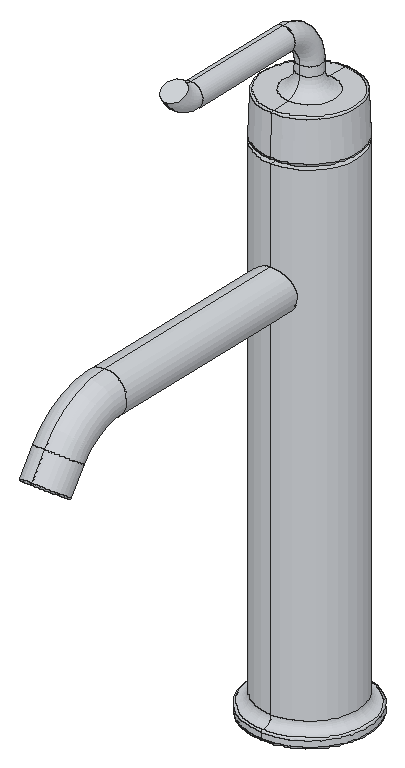
Revit family "Faucet-Lavatory-KOHLER-Purist-K-14404IN_1", category Plumbing Fixtures, host Face, Revit 2017
Family settings
  Host = Face
  Round Connector Dimension = Use Diameter
  Part Type = Normal
  OmniClass Number = 23.31.11.00
  OmniClass Title = Faucets
  Cut with Voids When Loaded = No
  Shared = No
  Room Calculation Point = No
Parameters (values of type "Smile Handle, CP-Polished Chrome")
  Width = 2 1/4"  # constant formula
  WaterSense Certified = 1 = 0  # no
  Waste Water Outlet = "Waste Water Outlet"  # constant formula
  Waste Connection = 1 = 0  # no
  Vent Connection = 1 = 0  # no
  URL = "https://www.kohler.co.in/"
  Type = 1
  Straight Handle = or(Type = 2, Type = 3, Type = 4)  # no
  Spout Reach = 6 1/4"  # constant formula
  Smile Handle = Type = 1  # yes
  Product Page URL = ""
  Product Name = "Purist"  # constant formula
  Product Documentation Link = ""
  Pressure = 0.00 psi
  Model = if(Type = 1, "K-14404IN-4ND-CP", if(Type = 2, "K-14404IN-4AND-CP", if(Type = 3, "K-14404IN-4AND-BL", if(Type = 4, "K-14404IN-4AND-BGD", "NA"))))  # "K-14404IN-4ND-CP"
  Material = "Solid Brass Construction"  # constant formula
  Master Format 2014 Name = "Residential Faucets, Supplies, and Trim"  # constant formula
  Master Format 2014 = "22 41 39"  # constant formula
  Manufacturer Address = "Ambience Office Tower NH-8 Gurgaon / Gurugram Haryana , 122001"  # constant formula
  Manufacturer = "KOHLER Co."  # constant formula
  Length = Spout Reach  # 6 1/4"
  Hot Water Inlet = "Hot Water Inlet"  # constant formula
  Height = 12"  # constant formula
  Handle Clearance = 3 1/4"  # constant formula
  HW Connection = 1 = 1  # yes
  Flow Rate = 0 GPM
  Finish = Kohler-Metal-CP-Polished_Chrome
  Environmental Product Declaration = ""
  Drain Included = 1 = 0  # no
  Description = if(Smile Handle, "Single-hole bathroom sink faucet with smile design handle", "Single-handle bathroom sink faucet with straight lever handle")  # "Single-hole bathroom sink faucet with smile design handle"
  Default Elevation = 36"
  Declare Label = ""
  Date Modified = "07/31/2020"  # constant formula
  Date Created = "07/31/2020"  # constant formula
  Copyright = "Copyright KOHLER Co."  # constant formula
  Contact Us = "https://www.kohler.co.in/contact-us"
  Cold Water Inlet = "Cold Water Inlet"  # constant formula
  CW Connection = 1 = 1  # yes
  Assembly Code = "D2010"
  ADA Compliant = 1 = 0  # no
Types (5): name | Type | Straight Handle | Smile Handle | Model | Finish | Description
  (no name) | 1 | no | yes | "K-14404IN-4ND-CP" | Kohler-Metal-CP-Polished_Chrome | "Single-hole bathroom sink faucet with smile design handle"
  Straight Handle, CP-Polished Chrome | 2 | yes | no | "K-14404IN-4AND-CP" | Kohler-Metal-CP-Polished_Chrome | "Single-handle bathroom sink faucet with straight lever handle"
  Straight Handle, BL-Matte Black | 3 | yes | no | "K-14404IN-4AND-BL" | Kohler-Metal-BL-Matte_Black | "Single-handle bathroom sink faucet with straight lever handle"
  Straight Handle, BGD-Vibrant Moderne Brushed Gold | 4 | yes | no | "K-14404IN-4AND-BGD" | Kohler-Metal-BGD-Vibrant_Moderne_Brushed_Gold | "Single-handle bathroom sink faucet with straight lever handle"
  Smile Handle, CP-Polished Chrome | 1 | no | yes | "K-14404IN-4ND-CP" | Kohler-Metal-CP-Polished_Chrome | "Single-hole bathroom sink faucet with smile design handle"
Reference planes
  plane 1 "Center (Front/Back)": y = 0
  plane 2: z = 0
  plane 3 "Center (Left/Right)": x = 0
  plane 4: x = 28.575
  plane 5: x = -28.575
  plane 6: z = 165.1
  plane 7: y = -158.75
  plane 8: y = -82.55
  plane 9: z = 304.8
  plane 10: x = -23.111
  plane 11: x = 23.111
  plane 12: x = -12.154
  plane 13: x = 12.154
  plane 14: x = 10.275
  plane 15: x = -10.275
  plane 16: y = 28.575
  plane 17: y = -28.575
  plane 18: z = 201.226
  plane 19: z = 8.909
  plane 20: z = 245.522
  plane 21: z = 247.326
  plane 22: z = 267.71
  plane 23: z = 282.313
  plane 24: z = 180.677
  plane 25: x = -5.596
  plane 26: x = 5.596
  plane 27: z = 4.318
  plane 28: x = -15.008
  plane 29: x = 15.008
  plane 30: y = -166.684
  plane 31: y = 23.111
  plane 32: y = -23.111
Dimensions and locks
  "Length": plane 1 "Center (Front/Back)" to plane 7
  plane 6 to host face = 6 1/2"
  "Width": plane 5 to plane 4
  "Height": plane 9 to level
  locked: plane 6 to level at 165.1
  "Spout Reach": plane 7 to plane 1 "Center (Front/Back)"
  "Handle Clearance": plane 8 to plane 1 "Center (Front/Back)"
  aligned and locked: plane 2 to host face
  aligned and locked: level to host face
Automatic sketch dimensions
  host sketch curve to host sketch curve = 96"  (x2)
Nested families
  nested 1: "K-14404IN" at (0, 0, 0), type "K-14404IN"
    with Smile Design Handle yes
Connectors
  piping at (-15.008, 0, 0), diameter 12.7, driven by "Flow Rate", driven by "Pressure", driven by "HW Connection", driven by "Hot Water Inlet"
    settings: on nested 1, index 1, connector inside diameter 24", connector length 0", flow factor 0, pipe flow 0 GPM, pressure drop 0.00 psi, fitting loss kfactor 0, connector angle 0.00°, fixture units 0, engagement length 0", angle of deflection 0.00°, flow configuration 0, flow direction 1, fitting loss method 0, system type 19, joint type 0, gender type 0, connector reference index -1, connector utility 1, adjustable connector no, is connector primary yes, connector description "Hot Water Inlet"
  piping at (15.008, 0, 0), diameter 12.7, driven by "Flow Rate", driven by "Pressure", driven by "CW Connection", driven by "Cold Water Inlet"
    settings: on nested 1, index 2, connector inside diameter 24", connector length 0", flow factor 0, pipe flow 0 GPM, pressure drop 0.00 psi, fitting loss kfactor 0, connector angle 0.00°, fixture units 0, engagement length 0", angle of deflection 0.00°, flow configuration 0, flow direction 1, fitting loss method 0, system type 20, joint type 0, gender type 0, connector reference index -1, connector utility 1, adjustable connector no, is connector primary no, connector description "Cold Water Inlet"
Definition of nested family "K-14404IN"
  Parameters (values of type "K-14404IN")
    Smile Design Handle = no
    Straight Lever Handle = no
    Material = none
  Reference planes
    plane 1 "Center (Front/Back)": y = 0
    plane 2: z = 0
    plane 3 "Center (Left/Right)": x = 0
    plane 4: y = -158.75
    plane 5: z = 304.8
    plane 6: y = 28.575
    plane 7: y = -28.575
    plane 8: z = 165.1
    plane 9: x = -28.575
    plane 10: x = 28.575
    plane 11: x = -15.008
  Forms (mm)
    Revolve 1, solid, material <- "Material", visible <- "Straight Lever Handle", detail levels medium+fine
      sketch origin (0, 0, 0) x (0, 1, 0) y (0, 0, 1)
        loop
          line (0, 280.309) -> (5.625, 280.309) -> (5.596, 281.798)
          arc (5.596, 281.798) -> (5.439, 282.163) -> (5.072, 282.313) r 0.524
          arc (5.072, 282.313) -> (5.44, 282.463) -> (5.596, 282.827) r 0.524
          line (5.596, 282.827) -> (0, 282.827) -> (0, 280.309)
        axis (0, 280.309) -> (0, 282.827)
      angle from 0 to 360
    Sweep 2, solid, material <- "Material", visible <- "Straight Lever Handle", detail levels medium+fine
      path origin (0, 0, 6.762) x (0, 1, 0) y (0, 0, 1)
        loop
          line (-17.911, 292.442) -> (-15.873, 292.442)
          arc (-15.873, 292.442) -> (-4.62, 287.469) -> (0, 276.066) r 16.384
      profile origin (0, -15.873, 299.204) x (0, 0.031205, 0.999513) y (1, 0, 0)
        loop
          circle (0, 0) r 5.596
    Sweep 3, solid, material <- "Material", detail levels medium+fine
      path origin (0, 0, -0.819) x (0, 1, 0) y (0, 0, 1)
        loop
          line (-18.415, 191.77) -> (-122.615, 191.77)
          arc (-122.615, 191.77) -> (-138.284, 187.936) -> (-150.413, 177.3) r 33.934
      profile origin (0, -18.415, 190.951) x (0, 0, -1) y (1, 0, 0)
        loop
          circle (0, 0) r 10.275
    Revolve 4, solid, material <- "Material", detail levels medium+fine
      sketch origin (0, 0, 6.538) x (0, 1, 0) y (0, 0, 1)
        loop
          line (0, 238.984) -> (19.63, 238.984)
          arc (19.63, 238.984) -> (18.585, 239.49) -> (18.161, 240.572) r 1.593
          line (18.161, 240.572) -> (18.161, 247.11) -> (17.601, 247.67) -> (0, 247.67) -> (0, 238.984)
        axis (0, 238.984) -> (0, 247.67)
      angle from 0 to 360
    Revolve 5, solid, material <- "Material", detail levels medium+fine
      sketch origin (0, 0, -0.819) x (0, 1, 0) y (0, 0, 1)
        loop
          line (-158.44, 165.835) -> (-150.413, 177.3) -> (-158.829, 183.193) -> (-166.612, 172.077)
          arc (-166.612, 172.077) -> (-166.7, 171.683) -> (-166.483, 171.343) r 0.527
          line (-166.483, 171.343) -> (-165.029, 170.325) -> (-162.992, 171.291) -> (-164.058, 169.769) -> (-158.44, 165.835)
        axis (-158.498, 165.752) -> (-150.413, 177.3)
      angle from 0 to 360
    Revolve 6, solid, material <- "Material", detail levels medium+fine
      sketch origin (0, 0, 6.35) x (0, 1, 0) y (0, 0, 1)
        loop
          line (21.69, 255.228) -> (23.22, 255.228)
          arc (23.22, 255.228) -> (23.114, 257.197) -> (22.797, 259.144) r 18.32
          arc (22.797, 259.144) -> (22.246, 259.59) -> (21.69, 259.151) r 0.567
          line (21.69, 259.151) -> (21.69, 255.228)
        axis (21.69, 255.228) -> (23.22, 255.228)
      angle from 0 to 360
    Revolve 7, solid, material <- "Material", detail levels coarse
      sketch origin (0, 0, 0) x (0, 1, 0) y (0, 0, 1)
        loop
          line (0, 0) -> (28.575, 0) -> (28.575, 6.35) -> (23.111, 6.35) -> (23.111, 245.522) -> (23.111, 267.71) -> (0, 267.71) -> (0, 0)
        axis (0, 0) -> (0, 267.71)
      angle from 0 to 360
    Sweep 8, solid, material <- "Material", detail levels coarse
      path origin (0, 0, 0) x (0, 1, 0) y (0, 0, 1)
        loop
          line (0, 267.71) -> (0, 283.36)
          arc (0, 283.36) -> (-4.641, 294.563) -> (-15.844, 299.204) r 15.844
          line (-15.844, 299.204) -> (-82.55, 299.204)
      profile origin (0, 0, 283.36) x (0, -1, 0) y (1, 0, 0)
        loop
          circle (0, 0) r 5.882
    Sweep 9, solid, material <- "Material", detail levels coarse
      path origin (0, 0, 0) x (0, 1, 0) y (0, 0, 1)
        loop
          line (-158.498, 164.933) -> (-150.413, 176.481)
          arc (-150.413, 176.481) -> (-138.357, 187.08) -> (-122.778, 190.951) r 33.935
          line (-122.778, 190.951) -> (-14.828, 190.951)
      profile origin (0, -68.803, 190.951) x (0, 0, -1) y (1, 0, 0)
        loop
          circle (0, 0) r 10.962
    Extrusion 10, solid, material <- "Material", detail levels medium+fine
      sketch origin (0, 0, 0) x (1, 0, 0) y (0, 1, 0)
        loop
          circle (-15.008, 0) r 6.35
        loop
          circle (15.008, 0) r 6.35
      from 0 to 2.58
    Sweep 11, solid, material <- "Material", visible <- "Smile Design Handle", detail levels medium+fine
      path origin (0, 0, -2.282) x (0, 1, 0) y (0, 0, 1)
        loop
          arc (-81.062, 304.343) -> (-76.798, 300.002) -> (-70.926, 298.41) r 11.624
          line (-70.926, 298.41) -> (-15.818, 298.41)
          arc (-15.818, 298.41) -> (-4.633, 293.777) -> (0, 282.591) r 15.818
      profile origin (0, -43.372, 296.128) x (0, 0, 1) y (1, 0, 0)
        loop
          circle (0, 0) r 5.597
    Revolve 12, solid, material <- "Material", visible <- "Straight Lever Handle", detail levels medium+fine
      sketch origin (0, 0, 0) x (0, 1, 0) y (0, 0, 1)
        loop
          line (-15.792, 299.204) -> (-15.792, 304.808) -> (-81.929, 304.808)
          arc (-81.929, 304.808) -> (-82.364, 304.667) -> (-82.55, 304.249) r 0.562
          line (-82.55, 304.249) -> (-82.55, 303.458)
          arc (-82.55, 303.458) -> (-81.593, 301.427) -> (-81.286, 299.204) r 7.423
          line (-81.286, 299.204) -> (-15.792, 299.204)
        axis (-15.792, 299.204) -> (-82.55, 299.204)
      angle from 0 to 360
    Revolve 13, solid, material <- "Material", detail levels medium+fine
      sketch origin (0, 0, 0) x (0, 1, 0) y (0, 0, 1)
        loop
          line (0, 0) -> (27.808, 0)
          arc (27.808, 0) -> (28.35, 0.225) -> (28.575, 0.767) r 0.767
          line (28.575, 0.767) -> (28.575, 3.543)
          arc (28.575, 3.543) -> (28.343, 4.096) -> (27.785, 4.318) r 0.776
          arc (27.785, 4.318) -> (24.485, 5.633) -> (23.111, 8.909) r 4.592
          line (23.111, 8.909) -> (23.111, 245.522) -> (5.845, 245.522) -> (5.845, 247.326) -> (22.398, 247.326)
          arc (22.398, 247.326) -> (22.894, 247.536) -> (23.087, 248.039) r 0.689
          line (23.087, 248.039) -> (22.426, 266.963)
          arc (22.426, 266.963) -> (22.19, 267.493) -> (21.652, 267.71) r 0.774
          line (21.652, 267.71) -> (12.154, 267.71)
          arc (12.154, 267.71) -> (7.554, 270.767) -> (5.708, 275.973) r 8.734
          line (5.708, 275.973) -> (5.625, 280.309) -> (0, 280.309) -> (0, 0)
        axis (0, 0) -> (0, 280.309)
      angle from 0 to 360
  Cuts and joins
    joined: Revolve 7, Sweep 8, Sweep 9
    joined: Revolve 4, Revolve 13
  Lines and regions (mm)
    Masking region 1
      outline origin (0, 0, 0) x (0, 1, 0) y (0, 0, 1)
        loop
          line (0, 0) -> (27.808, 0)
          arc (27.808, 0) -> (28.35, 0.225) -> (28.575, 0.767) r 0.767
          line (28.575, 0.767) -> (28.575, 3.543)
          arc (28.575, 3.543) -> (28.343, 4.096) -> (27.785, 4.318) r 0.776
          arc (27.785, 4.318) -> (24.485, 5.633) -> (23.111, 8.909) r 4.592
          line (23.111, 8.909) -> (23.111, 245.522) -> (19.63, 245.522)
          arc (19.63, 245.522) -> (18.585, 246.028) -> (18.161, 247.11) r 1.593
          line (18.161, 247.11) -> (18.161, 253.787) -> (22.886, 253.787) -> (22.757, 257.484)
          arc (22.757, 257.484) -> (23.104, 259.518) -> (23.22, 261.578) r 18.32
          arc (23.22, 261.578) -> (23.021, 264.275) -> (22.426, 266.914) r 18.32
          arc (22.426, 266.914) -> (22.208, 267.476) -> (21.652, 267.71) r 0.774
          line (21.652, 267.71) -> (12.154, 267.71)
          arc (12.154, 267.71) -> (7.554, 270.767) -> (5.708, 275.973) r 8.734
          line (5.708, 275.973) -> (5.596, 281.798)
          arc (5.596, 281.798) -> (5.439, 282.163) -> (5.072, 282.313) r 0.524
          line (5.072, 282.313) -> (-5.072, 282.313)
          arc (-5.072, 282.313) -> (-5.439, 282.163) -> (-5.596, 281.798) r 0.524
          line (-5.596, 281.798) -> (-5.708, 275.973)
          arc (-5.708, 275.973) -> (-7.554, 270.767) -> (-12.154, 267.71) r 8.734
          line (-12.154, 267.71) -> (-21.652, 267.71)
          arc (-21.652, 267.71) -> (-22.19, 267.493) -> (-22.426, 266.963) r 0.774
          line (-22.426, 266.963) -> (-23.087, 248.034)
          arc (-23.087, 248.034) -> (-22.662, 247.519) -> (-22.024, 247.326) r 1.152
          line (-22.024, 247.326) -> (-18.176, 247.326)
          arc (-18.176, 247.326) -> (-18.514, 246.11) -> (-19.63, 245.522) r 1.593
          line (-19.63, 245.522) -> (-23.111, 245.522) -> (-23.111, 201.226) -> (-122.602, 201.226)
          arc (-122.602, 201.226) -> (-143.027, 196.228) -> (-158.837, 182.364) r 44.234
          line (-158.837, 182.364) -> (-166.613, 171.259)
          arc (-166.613, 171.259) -> (-166.7, 170.865) -> (-166.483, 170.524) r 0.527
          line (-166.483, 170.524) -> (-150.514, 159.342)
          arc (-150.514, 159.342) -> (-150.12, 159.255) -> (-149.779, 159.472) r 0.527
          line (-149.779, 159.472) -> (-141.989, 170.598)
          arc (-141.989, 170.598) -> (-133.541, 178.006) -> (-122.628, 180.677) r 23.635
          line (-122.628, 180.677) -> (-23.111, 180.677) -> (-23.111, 8.909)
          arc (-23.111, 8.909) -> (-24.485, 5.633) -> (-27.785, 4.318) r 4.592
          arc (-27.785, 4.318) -> (-28.343, 4.096) -> (-28.575, 3.543) r 0.776
          line (-28.575, 3.543) -> (-28.575, 0.767)
          arc (-28.575, 0.767) -> (-28.35, 0.225) -> (-27.808, 0) r 0.767
          line (-27.808, 0) -> (0, 0)
    Masking region 2
      outline origin (0, 0, 0) x (1, 0, 0) y (0, 0, 1)
        loop
          line (0, 0) -> (27.808, 0)
          arc (27.808, 0) -> (28.35, 0.225) -> (28.575, 0.767) r 0.767
          line (28.575, 0.767) -> (28.575, 3.543)
          arc (28.575, 3.543) -> (28.343, 4.096) -> (27.785, 4.318) r 0.776
          arc (27.785, 4.318) -> (24.485, 5.633) -> (23.111, 8.909) r 4.592
          line (23.111, 8.909) -> (23.111, 207.131) -> (23.111, 245.522) -> (19.63, 245.522)
          arc (19.63, 245.522) -> (18.514, 246.11) -> (18.176, 247.326) r 1.593
          line (18.176, 247.326) -> (22.024, 247.326)
          arc (22.024, 247.326) -> (22.662, 247.519) -> (23.087, 248.034) r 1.152
          line (23.087, 248.034) -> (22.426, 266.963)
          arc (22.426, 266.963) -> (22.19, 267.493) -> (21.652, 267.71) r 0.774
          line (21.652, 267.71) -> (12.154, 267.71)
          arc (12.154, 267.71) -> (7.554, 270.767) -> (5.708, 275.973) r 8.734
          line (5.708, 275.973) -> (5.596, 281.798)
          arc (5.596, 281.798) -> (5.439, 282.163) -> (5.072, 282.313) r 0.524
          line (5.072, 282.313) -> (-5.072, 282.313)
          arc (-5.072, 282.313) -> (-5.439, 282.163) -> (-5.596, 281.798) r 0.524
          line (-5.596, 281.798) -> (-5.708, 275.973)
          arc (-5.708, 275.973) -> (-7.554, 270.767) -> (-12.154, 267.71) r 8.734
          line (-12.154, 267.71) -> (-21.652, 267.71)
          arc (-21.652, 267.71) -> (-22.19, 267.493) -> (-22.426, 266.963) r 0.774
          line (-22.426, 266.963) -> (-23.087, 248.034)
          arc (-23.087, 248.034) -> (-22.662, 247.519) -> (-22.024, 247.326) r 1.152
          line (-22.024, 247.326) -> (-18.176, 247.326)
          arc (-18.176, 247.326) -> (-18.514, 246.11) -> (-19.63, 245.522) r 1.593
          line (-19.63, 245.522) -> (-23.111, 245.522) -> (-23.111, 8.909)
          arc (-23.111, 8.909) -> (-24.485, 5.633) -> (-27.785, 4.318) r 4.592
          arc (-27.785, 4.318) -> (-28.343, 4.096) -> (-28.575, 3.543) r 0.776
          line (-28.575, 3.543) -> (-28.575, 0.767)
          arc (-28.575, 0.767) -> (-28.35, 0.225) -> (-27.808, 0) r 0.767
          line (-27.808, 0) -> (0, 0)
    Masking region 3
      outline origin (0, 0, 0) x (1, 0, 0) y (0, 1, 0)
        loop
          arc (10.275, -26.664) -> (0, 28.575) -> (-10.275, -26.664) r 28.575
          line (-10.275, -26.664) -> (-10.275, -158.139)
          arc (-10.275, -158.139) -> (-9.595, -161.281) -> (-7.676, -163.861) r 7.597
          arc (-7.676, -163.861) -> (-4.099, -165.988) -> (0, -166.706) r 11.527
          arc (0, -166.706) -> (4.099, -165.988) -> (7.676, -163.861) r 11.527
          arc (7.676, -163.861) -> (9.595, -161.281) -> (10.275, -158.139) r 7.597
          line (10.275, -158.139) -> (10.275, -26.664)
    Masking region 4, visible <- "Straight Lever Handle"
      outline origin (0, 0, 0) x (0, 1, 0) y (0, 0, 1)
        loop
          arc (5.596, 282.827) -> (-0.807, 298.361) -> (-16.327, 304.8) r 21.924
          line (-16.327, 304.8) -> (-82.013, 304.8)
          arc (-82.013, 304.8) -> (-82.393, 304.643) -> (-82.55, 304.263) r 0.537
          line (-82.55, 304.263) -> (-82.55, 294.144)
          arc (-82.55, 294.144) -> (-82.393, 293.764) -> (-82.015, 293.607) r 0.537
          line (-82.015, 293.607) -> (-16.387, 293.607)
          arc (-16.387, 293.607) -> (-8.761, 290.45) -> (-5.596, 282.827) r 10.79
          arc (-5.596, 282.827) -> (-5.44, 282.463) -> (-5.072, 282.313) r 0.524
          line (-5.072, 282.313) -> (5.072, 282.313)
          arc (5.072, 282.313) -> (5.44, 282.463) -> (5.596, 282.827) r 0.524
    Masking region 5, visible <- "Smile Design Handle"
      outline origin (0, 0, 0) x (0, 1, 0) y (0, 0, 1)
        loop
          arc (5.596, 282.827) -> (-1.855, 296.348) -> (-16.327, 301.724) r 22.166
          line (-16.327, 301.724) -> (-71.094, 301.724)
          arc (-71.094, 301.724) -> (-74.067, 302.657) -> (-76.236, 304.894) r 6.333
          line (-76.236, 304.894) -> (-85.942, 299.322)
          arc (-85.942, 299.322) -> (-79.799, 292.976) -> (-71.312, 290.531) r 17.141
          line (-71.312, 290.531) -> (-16.387, 290.531)
          arc (-16.387, 290.531) -> (-9.794, 288.458) -> (-5.576, 282.983) r 11.517
          arc (-5.576, 282.983) -> (-5.492, 282.522) -> (-5.072, 282.313) r 0.524
          line (-5.072, 282.313) -> (5.072, 282.313)
          arc (5.072, 282.313) -> (5.44, 282.463) -> (5.596, 282.827) r 0.524
    Masking region 6, visible <- "Straight Lever Handle"
      outline origin (0, 0, 0) x (1, 0, 0) y (0, 0, 1)
        loop
          arc (-5.596, 282.827) -> (-5.44, 282.463) -> (-5.072, 282.313) r 0.524
          line (-5.072, 282.313) -> (5.072, 282.313)
          arc (5.072, 282.313) -> (5.44, 282.463) -> (5.596, 282.827) r 0.524
          line (5.596, 282.827) -> (5.596, 299.204)
          arc (5.596, 299.204) -> (3.957, 303.161) -> (0, 304.8) r 5.596
          arc (0, 304.8) -> (-3.957, 303.161) -> (-5.596, 299.204) r 5.596
          line (-5.596, 299.204) -> (-5.596, 282.827)
    Masking region 7, visible <- "Smile Design Handle"
      outline origin (0, 0, 0) x (1, 0, 0) y (0, 0, 1)
        loop
          arc (-5.596, 282.827) -> (-5.44, 282.463) -> (-5.072, 282.313) r 0.524
          line (-5.072, 282.313) -> (5.072, 282.313)
          arc (5.072, 282.313) -> (5.44, 282.463) -> (5.596, 282.827) r 0.524
          line (5.596, 282.827) -> (5.596, 302.047)
          spline (5.596, 302.047) -> (5.555, 302.395) -> (5.423, 302.738) -> (5.204, 303.07) -> (4.9, 303.385) -> (4.517, 303.679) -> (4.06, 303.947) -> (3.538, 304.184) -> (2.958, 304.387) -> (2.331, 304.552) -> (1.666, 304.677) -> (0.973, 304.759) -> (0.265, 304.798)
          spline (0.265, 304.798) -> (-0.491, 304.791) -> (-1.239, 304.733) -> (-1.963, 304.627) -> (-2.652, 304.474) -> (-3.293, 304.277) -> (-3.873, 304.039) -> (-4.383, 303.765) -> (-4.812, 303.46) -> (-5.153, 303.13) -> (-5.401, 302.78) -> (-5.549, 302.417) -> (-5.596, 302.047)
          line (-5.596, 302.047) -> (-5.596, 282.827)
    symbolic lines, detail levels medium+fine
      curve 1: arc (5.596, -22.423, 0) -> (0, 23.111, 0) -> (-5.596, -22.423, 0) r 23.111
      curve 2: arc (-5.596, 0, 0) -> (0, 5.596, 0) -> (5.596, 0, 0) r 5.596
      curve 3: line (-5.596, 0, 0) -> (-5.596, -82.065, 0)
      curve 6: line (5.596, 0, 0) -> (5.596, -82.065, 0)
      curve 9: line (-10.275, -26.664, 0) -> (-10.275, -20.701, 0)
      curve 10: line (10.275, -26.664, 0) -> (10.275, -20.701, 0)
      curve 11: arc (5.596, -10.789, 0) -> (0, 12.154, 0) -> (-5.596, -10.789, 0) r 12.154
      curve 12: arc (-4.067, 22.75, 0) -> (0, 23.249, 0) -> (4.067, 22.75, 0) r 16.844
      curve 13: spline (-10.275, -150.413, 0) -> (-9.925, -152.591, 0) -> (-8.898, -154.621, 0) -> (-7.265, -156.364, 0) -> (-5.137, -157.702, 0) -> (-2.659, -158.542, 0) -> (0, -158.829, 0) -> (2.659, -158.542, 0) -> (5.137, -157.702, 0) -> (7.265, -156.364, 0) -> (8.898, -154.621, 0) -> (9.925, -152.591, 0) -> (10.275, -150.413, 0)
      curve 14: line (0, 5.072, 282.313) -> (0, -5.072, 282.313)
      curve 15: line (0, 12.154, 267.71) -> (0, -12.154, 267.71)
      curve 16: arc (0, 22.426, 266.914) -> (0, 22.172, 262.181) -> (0, 22.756, 257.478) r 26.805
      curve 17: line (0, 15.747, 253.383) -> (0, 2.142, 247.326)
      curve 18: line (0, -18.176, 247.326) -> (0, 2.142, 247.326)
      curve 19: line (0, -23.087, 248.034) -> (0, 2.026, 248.034)
      curve 20: arc (0, 18.161, 253.787) -> (0, 16.928, 253.739) -> (0, 15.747, 253.383) r 4.89
      curve 21: line (0, 15.464, 254.018) -> (0, 2.026, 248.034)
      curve 22: arc (0, 18.221, 254.479) -> (0, 16.813, 254.424) -> (0, 15.464, 254.018) r 5.584
      curve 23: line (0, 18.221, 254.479) -> (0, 22.862, 254.479)
      curve 24: line (0, 19.63, 245.522) -> (0, -19.63, 245.522)
      curve 25: line (0, -23.111, 180.677) -> (0, -23.111, 201.226)
      curve 26: line (0, 27.785, 4.318) -> (0, -27.785, 4.318)
      curve 27: line (0, -23.111, 8.909) -> (0, 23.111, 8.909)
      curve 28: line (0, -158.829, 182.374) -> (0, -141.996, 170.588)
      curve 29: arc (-5.596, 0, 299.204) -> (0, 0, 293.607) -> (5.596, 0, 299.204) r 5.596
      curve 30: line (-5.072, 0, 282.313) -> (5.072, 0, 282.313)
      curve 31: line (-12.154, 0, 267.71) -> (12.154, 0, 267.71)
      curve 32: line (-18.176, 0, 247.326) -> (18.176, 0, 247.326)
      curve 33: line (19.63, 0, 245.522) -> (-19.63, 0, 245.522)
      curve 34: arc (-10.275, 0, 190.951) -> (0, 0, 201.226) -> (10.275, 0, 190.951) r 10.275
      curve 35: line (-10.275, 0, 190.951) -> (-10.275, 0, 165.1)
      curve 36: line (10.275, 0, 190.951) -> (10.275, 0, 165.1)
      curve 37: spline (0, 0, 169.507) -> (2.064, 0, 169.351) -> (3.986, 0, 168.894) -> (5.638, 0, 168.167) -> (6.905, 0, 167.22) -> (7.701, 0, 166.117) -> (7.973, 0, 164.933) -> (7.701, 0, 163.75) -> (6.905, 0, 162.647) -> (5.638, 0, 161.7) -> (3.986, 0, 160.973) -> (2.064, 0, 160.516) -> (0, 0, 160.36)
      curve 38: spline (0, 0, 160.36) -> (-2.064, 0, 160.516) -> (-3.986, 0, 160.973) -> (-5.638, 0, 161.7) -> (-6.905, 0, 162.647) -> (-7.701, 0, 163.75) -> (-7.973, 0, 164.933) -> (-7.701, 0, 166.117) -> (-6.905, 0, 167.22) -> (-5.638, 0, 168.167) -> (-3.986, 0, 168.894) -> (-2.064, 0, 169.351) -> (0, 0, 169.507)
      curve 39: spline (0, 0, 161.083) -> (-1.775, 0, 161.217) -> (-3.429, 0, 161.61) -> (-4.849, 0, 162.235) -> (-5.939, 0, 163.05) -> (-6.624, 0, 163.999) -> (-6.858, 0, 165.017) -> (-6.624, 0, 166.035) -> (-5.939, 0, 166.983) -> (-4.849, 0, 167.798) -> (-3.429, 0, 168.423) -> (-1.775, 0, 168.816) -> (0, 0, 168.95)
      curve 40: spline (0, 0, 168.95) -> (1.775, 0, 168.816) -> (3.429, 0, 168.423) -> (4.849, 0, 167.798) -> (5.939, 0, 166.983) -> (6.624, 0, 166.035) -> (6.858, 0, 165.017) -> (6.624, 0, 163.999) -> (5.939, 0, 163.05) -> (4.849, 0, 162.235) -> (3.429, 0, 161.61) -> (1.775, 0, 161.217) -> (0, 0, 161.083)
      curve 41: spline (6.728, 0, 165.778) -> (6.25, 0, 164.92) -> (5.445, 0, 164.148) -> (4.355, 0, 163.5) -> (3.037, 0, 163.012) -> (1.559, 0, 162.708) -> (0, 0, 162.605) -> (-1.559, 0, 162.708) -> (-3.037, 0, 163.012) -> (-4.355, 0, 163.5) -> (-5.445, 0, 164.148) -> (-6.25, 0, 164.92) -> (-6.728, 0, 165.778)
      curve 42: arc (-5.127, 0, 160.041) -> (-2.594, 0, 159.449) -> (0, 0, 159.249) r 16.985
      curve 43: arc (-8.438, 0, 161.841) -> (-6.869, 0, 160.783) -> (-5.127, 0, 160.041) r 9.92
      curve 44: arc (-9.922, 0, 163.792) -> (-9.294, 0, 162.73) -> (-8.438, 0, 161.841) r 5.333
      curve 45: arc (-10.275, 0, 165.1) -> (-10.149, 0, 164.432) -> (-9.922, 0, 163.792) r 4.397
      curve 46: arc (5.127, 0, 160.041) -> (2.594, 0, 159.449) -> (0, 0, 159.249) r 16.985
      curve 47: arc (8.438, 0, 161.841) -> (6.869, 0, 160.783) -> (5.127, 0, 160.041) r 9.92
      curve 48: arc (9.922, 0, 163.792) -> (9.294, 0, 162.73) -> (8.438, 0, 161.841) r 5.333
      curve 49: arc (10.275, 0, 165.1) -> (10.149, 0, 164.432) -> (9.922, 0, 163.792) r 4.397
      curve 50: spline (-10.275, 0, 176.481) -> (-9.925, 0, 178.006) -> (-8.898, 0, 179.428) -> (-7.265, 0, 180.648) -> (-5.137, 0, 181.585) -> (-2.659, 0, 182.174) -> (0, 0, 182.374) -> (2.659, 0, 182.174) -> (5.137, 0, 181.585) -> (7.265, 0, 180.648) -> (8.898, 0, 179.428) -> (9.925, 0, 178.006) -> (10.275, 0, 176.481)
      curve 51: line (-27.785, 0, 4.318) -> (27.785, 0, 4.318)
      curve 52: line (23.111, 0, 8.909) -> (-23.111, 0, 8.909)
    symbolic lines, visible <- "Straight Lever Handle", detail levels medium+fine
      curve 4: line (0, -82.55, 0) -> (-5.112, -82.55, 0)
      curve 5: arc (-5.112, -82.55, 0) -> (-5.455, -82.408, 0) -> (-5.596, -82.065, 0) r 0.485
      curve 7: line (0, -82.55, 0) -> (5.112, -82.55, 0)
      curve 8: arc (5.112, -82.55, 0) -> (5.455, -82.408, 0) -> (5.596, -82.065, 0) r 0.485
    symbolic lines, visible <- "Smile Design Handle", detail levels medium+fine
      curve 53: spline (-5.596, -81.062, 0) -> (-5.406, -82.325, 0) -> (-4.847, -83.502, 0) -> (-3.957, -84.513, 0) -> (-2.798, -85.288, 0) -> (-1.448, -85.776, 0) -> (0, -85.942, 0) -> (1.448, -85.776, 0) -> (2.798, -85.288, 0) -> (3.957, -84.513, 0) -> (4.847, -83.502, 0) -> (5.406, -82.325, 0) -> (5.596, -81.062, 0) -> (5.406, -79.799, 0) -> (4.847, -78.622, 0) -> (3.957, -77.611, 0) -> (2.798, -76.836, 0) -> (1.448, -76.348, 0) -> (0, -76.182, 0) -> (-1.448, -76.348, 0) -> (-2.798, -76.836, 0) -> (-3.957, -77.611, 0) -> (-4.847, -78.622, 0) -> (-5.406, -79.799, 0) -> (-5.596, -81.062, 0)
      curve 54: spline (-5.551, 0, 302.411) -> (-5.538, 0, 301.668) -> (-5.119, 0, 300.954) -> (-4.323, 0, 300.321) -> (-3.209, 0, 299.817) -> (-1.859, 0, 299.477) -> (-0.372, 0, 299.328) -> (1.142, 0, 299.379) -> (2.572, 0, 299.628) -> (3.813, 0, 300.056) -> (4.773, 0, 300.631) -> (5.383, 0, 301.312) -> (5.596, 0, 302.047)
  Dimensions and locks
    plane 5 to plane 2 = 12"
    plane 1 "Center (Front/Back)" to plane 4 = 6 1/4"
    plane 8 to plane 2 = 6 1/2"
    aligned and locked: plane 2 to level
